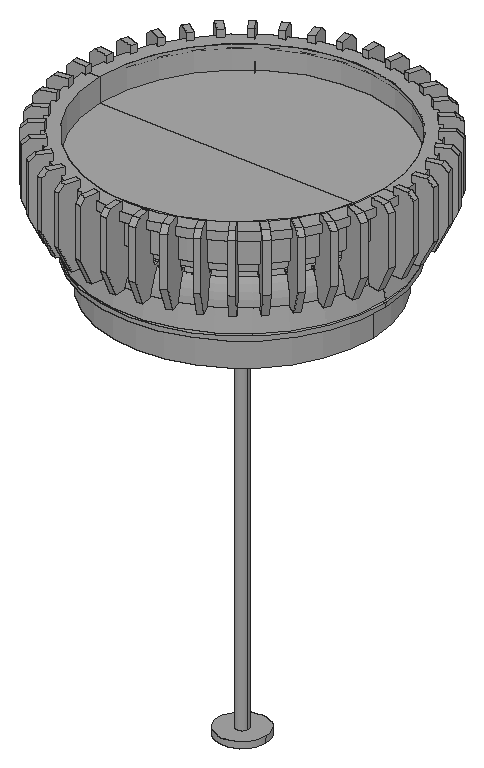
Revit family "KSL_Kemlux-Pendant", category Lighting Fixtures, host Face, Revit 2021 (continued)
Definition of nested family "KSL"
  Automatic sketch dimensions
    Extrusion 38 sketch curve to Extrusion 38 sketch curve = 0' - 0 1/4"  (x2)
    Extrusion 38 sketch curve to Extrusion 38 sketch curve = 0' - 0.39395"
    Extrusion 38 sketch curve to Extrusion 38 sketch curve = 0' - 1.02515"
    Extrusion 38 sketch curve to Extrusion 38 sketch curve = 0' - 0.67103"
    Extrusion 38 sketch curve to Extrusion 38 sketch curve = 0' - 1.93305"
    Extrusion 38 sketch curve to Extrusion 38 sketch curve = 0' - 0.08345"
    Extrusion 39 sketch curve to Extrusion 39 sketch curve = 0' - 0 7/16"
    Extrusion 39 sketch curve to Extrusion 39 sketch curve = 0' - 0.13206"
    Extrusion 39 sketch curve to Extrusion 39 sketch curve = 0' - 0.295"
    Extrusion 39 sketch curve to Extrusion 39 sketch curve = 0' - 0.38321"
    Extrusion 39 sketch curve to Extrusion 39 sketch curve = 0' - 0.43044"
    Extrusion 39 sketch curve to Extrusion 39 sketch curve = 0' - 0.57179"
    Extrusion 39 sketch curve to Extrusion 39 sketch curve = 0' - 0 1/4"  (x2)
    Extrusion 39 sketch curve to Extrusion 39 sketch curve = 0' - 0.39395"
    Extrusion 39 sketch curve to Extrusion 39 sketch curve = 0' - 1.02515"
    Extrusion 39 sketch curve to Extrusion 39 sketch curve = 0' - 0.67103"
    Extrusion 39 sketch curve to Extrusion 39 sketch curve = 0' - 1.93305"
    Extrusion 39 sketch curve to Extrusion 39 sketch curve = 0' - 0.08345"
    Extrusion 40 sketch curve to Extrusion 40 sketch curve = 0' - 0 7/16"
    Extrusion 40 sketch curve to Extrusion 40 sketch curve = 0' - 0.13206"
    Extrusion 40 sketch curve to Extrusion 40 sketch curve = 0' - 0.295"
    Extrusion 40 sketch curve to Extrusion 40 sketch curve = 0' - 0.38321"
    Extrusion 40 sketch curve to Extrusion 40 sketch curve = 0' - 0.43044"
    Extrusion 40 sketch curve to Extrusion 40 sketch curve = 0' - 0.57179"
    Extrusion 40 sketch curve to Extrusion 40 sketch curve = 0' - 0 1/4"  (x2)
    Extrusion 40 sketch curve to Extrusion 40 sketch curve = 0' - 0.39395"
    Extrusion 40 sketch curve to Extrusion 40 sketch curve = 0' - 1.02515"
    Extrusion 40 sketch curve to Extrusion 40 sketch curve = 0' - 0.67103"
    Extrusion 40 sketch curve to Extrusion 40 sketch curve = 0' - 1.93305"
    Extrusion 40 sketch curve to Extrusion 40 sketch curve = 0' - 0.08345"
    Extrusion 41 sketch curve to Extrusion 41 sketch curve = 0' - 0 7/16"
    Extrusion 41 sketch curve to Extrusion 41 sketch curve = 0' - 0.13206"
    Extrusion 41 sketch curve to Extrusion 41 sketch curve = 0' - 0.295"
    Extrusion 41 sketch curve to Extrusion 41 sketch curve = 0' - 0.38321"
    Extrusion 41 sketch curve to Extrusion 41 sketch curve = 0' - 0.43044"
    Extrusion 41 sketch curve to Extrusion 41 sketch curve = 0' - 0.57179"
    Extrusion 41 sketch curve to Extrusion 41 sketch curve = 0' - 0 1/4"  (x2)
    Extrusion 41 sketch curve to Extrusion 41 sketch curve = 0' - 0.39395"
    Extrusion 41 sketch curve to Extrusion 41 sketch curve = 0' - 1.02515"
    Extrusion 41 sketch curve to Extrusion 41 sketch curve = 0' - 0.67103"
    Extrusion 41 sketch curve to Extrusion 41 sketch curve = 0' - 1.93305"
    Extrusion 41 sketch curve to Extrusion 41 sketch curve = 0' - 0.08345"
    Extrusion 42 sketch curve to Extrusion 42 sketch curve = 0' - 0 7/16"
    Extrusion 42 sketch curve to Extrusion 42 sketch curve = 0' - 0.13206"
    Extrusion 42 sketch curve to Extrusion 42 sketch curve = 0' - 0.295"
    Extrusion 42 sketch curve to Extrusion 42 sketch curve = 0' - 0.38321"
    Extrusion 42 sketch curve to Extrusion 42 sketch curve = 0' - 0.43044"
    Extrusion 42 sketch curve to Extrusion 42 sketch curve = 0' - 0.57179"
    Extrusion 42 sketch curve to Extrusion 42 sketch curve = 0' - 0 1/4"  (x2)
    Extrusion 42 sketch curve to Extrusion 42 sketch curve = 0' - 0.39395"
    Extrusion 42 sketch curve to Extrusion 42 sketch curve = 0' - 1.02515"
    Extrusion 42 sketch curve to Extrusion 42 sketch curve = 0' - 0.67103"
    Extrusion 42 sketch curve to Extrusion 42 sketch curve = 0' - 1.93305"
    Extrusion 42 sketch curve to Extrusion 42 sketch curve = 0' - 0.08345"
    Extrusion 43 sketch curve to Extrusion 43 sketch curve = 0' - 0 7/16"
    Extrusion 43 sketch curve to Extrusion 43 sketch curve = 0' - 0.13206"
    Extrusion 43 sketch curve to Extrusion 43 sketch curve = 0' - 0.295"
    Extrusion 43 sketch curve to Extrusion 43 sketch curve = 0' - 0.38321"
    Extrusion 43 sketch curve to Extrusion 43 sketch curve = 0' - 0.43044"
    Extrusion 43 sketch curve to Extrusion 43 sketch curve = 0' - 0.57179"
    Extrusion 43 sketch curve to Extrusion 43 sketch curve = 0' - 0 1/4"  (x2)
    Extrusion 43 sketch curve to Extrusion 43 sketch curve = 0' - 0.39395"
    Extrusion 43 sketch curve to Extrusion 43 sketch curve = 0' - 1.02515"
    Extrusion 43 sketch curve to Extrusion 43 sketch curve = 0' - 0.67103"
    Extrusion 43 sketch curve to Extrusion 43 sketch curve = 0' - 1.93305"
    Extrusion 43 sketch curve to Extrusion 43 sketch curve = 0' - 0.08345"
    Extrusion 1 sketch curve to Extrusion 1 sketch curve = 8' - 0"  (x2)
    curve 8 to plane 7 = 0' - 0.35927"
    level to curve 10 = 0' - 1 3/4"
    curve 1 to plane 3 "Center (Left/Right)" = 0' - 0"
    plane 7 to curve 5 = 0' - 0"
    curve 11 to plane 7 = 0' - 0.35927"
    curve 2 to plane 7 = 0' - 0.45302"
    curve 8 to curve 8 = 0' - 0.39073"
    curve 2 to curve 4 = 0' - 0.39073"
    curve 4 to curve 4 = 0' - 0 1/4"
    plane 7 to curve 10 = 0' - 0.75471"
    plane 7 to curve 7 = 0' - 0.72501"
    plane 7 to curve 11 = 0' - 0.6022"
    plane 7 to curve 12 = 0' - 0.39176"
    plane 5 to curve 12 = 0' - 0.25875"
    curve 9 to curve 9 = 0' - 1"
    curve 7 to curve 6 = 0' - 0.62254"
    curve 5 to curve 2 = 0' - 0.37746"
    Revolve 2 sketch curve to level = 0' - 0"
    Revolve 2 sketch curve to plane 3 "Center (Left/Right)" = 0' - 0"  (x2)
    plane 7 to Revolve 2 sketch curve = 0' - 0"  (x2)
    level to Revolve 2 sketch curve = 0' - 0.16729"
    Revolve 2 sketch curve to plane 7 = 0' - 0.23742"
    Revolve 2 sketch curve to Revolve 2 sketch curve = 0' - 0.39032"
    Revolve 2 sketch curve to plane 7 = 0' - 0.45302"
    Revolve 2 sketch curve to Revolve 2 sketch curve = 0' - 0.49031"
    Revolve 2 sketch curve to Revolve 2 sketch curve = 0' - 0.00969"
    Revolve 2 sketch curve to Revolve 2 sketch curve = 0' - 0.51192"
    Revolve 2 sketch curve to Revolve 2 sketch curve = 0' - 0.39073"
    Revolve 2 sketch curve to Revolve 2 sketch curve = 0' - 0 1/4"
    plane 7 to Revolve 2 sketch curve = 0' - 0.70329"
    Revolve 2 sketch curve to Revolve 2 sketch curve = 0' - 0.08271"
    Revolve 2 sketch curve to Revolve 2 sketch curve = 0' - 1 1/8"
    Revolve 2 sketch curve to Revolve 2 sketch curve = 0' - 0.72893"
    Revolve 2 sketch curve to Revolve 2 sketch curve = 0' - 0.37746"
    Revolve 2 sketch curve to Revolve 2 sketch curve = 0' - 0.62007"
    Revolve 2 sketch curve to Revolve 2 sketch curve = 0' - 0.3497"
    Revolve 2 sketch curve to Revolve 2 sketch curve = 0' - 5 13/16"
    level to curve 6 = 0' - 5.37007"
    curve 4 to curve 12 = 0' - 0.3497"
    curve 4 to curve 2 = 0' - 0.55259"
    curve 12 to curve 3 = 0' - 0.2029"
    Revolve 2 sketch curve to Revolve 2 sketch curve = 0' - 3 3/4"
Types (10): name | Wattage Comments | Wattage | Watt | Photometric Web File | Pendant Height | Optics | built-in parameter 1150105 | Lumens | Lamp | built-in parameter 1150106 | built-in parameter 1150104 | Apparent Load
  (no name) | "43 Watts" | 43 W | 43 W | "KXL-18L-X-5K-5M.ies" | 1' - 10 3/4" | "Type V Square" | 352.45 (stored number, unit not read) | 4429 lm | "18 High Performanc LEDs" | 3.5245 (stored number, unit not read) | 9.569 (stored number, unit not read) | 43 VA
  KSL-18L-X-5K-5M | "43 Watts" | 43 W | 43 W | "KXL-18L-X-5K-5M.ies" | 1' - 10 3/4" | "Type V Square" | 352.45 (stored number, unit not read) | 4429 lm | "18 High Performanc LEDs" | 3.5245 (stored number, unit not read) | 9.569 (stored number, unit not read) | 43 VA
  KSL-18L-X-5K-5R | "43 Watts" | 43 W | 43 W | "KXL-18L-X-5K-5R.ies" | 1' - 10 3/4" | "Type V Rectangle" | 345.6 (stored number, unit not read) | 4343 lm | "18 High Performanc LEDs" | 3.456 (stored number, unit not read) | 9.3832 (stored number, unit not read) | 43 VA
  KSL-18L-X-5K-N | "43 Watts" | 43 W | 43 W | "KXL-18L-X-5K-N.ies" | 1' - 10 3/4" | "Narrow" | 349.03 (stored number, unit not read) | 4386 lm | "18 High Performanc LEDs" | 3.4903 (stored number, unit not read) | 9.4761 (stored number, unit not read) | 43 VA
  KSL-24L-X-5K-5M | "57 Watts" | 57 W | 57 W | "KXL-24L-X-5K-5M.ies" | 3' - 0" | "Type V Square" | 476.27 (stored number, unit not read) | 5985 lm | "24 High Performanc LEDs" | 4.7627 (stored number, unit not read) | 9.7548 (stored number, unit not read) | 57 VA
  KSL-24L-X-5K-5R | "57 Watts" | 57 W | 57 W | "KXL-24L-X-5K-5R.ies" | 1' - 10 3/4" | "Type V Rectangle" | 453.59 (stored number, unit not read) | 5700 lm | "24 High Performanc LEDs" | 4.5359 (stored number, unit not read) | 9.2903 (stored number, unit not read) | 57 VA
  KSL-24L-X-5K-N | "57 Watts" | 57 W | 57 W | "KXL-24L-X-5K-N.ies" | 1' - 10 3/4" | "Narrow" | 467.2 (stored number, unit not read) | 5871 lm | "24 High Performanc LEDs" | 4.672 (stored number, unit not read) | 9.569 (stored number, unit not read) | 57 VA
  KSL-36L-X-5K-5M | "86 Watts" | 86 W | 86 W | "KXL-36L-X-5K-5M.ies" | 1' - 10 3/4" | "Type V Square" | 718.58 (stored number, unit not read) | 9030 lm | "36 High Performanc LEDs" | 7.1858 (stored number, unit not read) | 9.7548 (stored number, unit not read) | 86 VA
  KSL-36L-X-5K-5R | "86 Watts" | 86 W | 86 W | "KXL-36L-X-5K-5R.ies" | 1' - 10 3/4" | "Type V Rectangle" | 677.52 (stored number, unit not read) | 8514 lm | "36 High Performanc LEDs" | 6.7752 (stored number, unit not read) | 9.1974 (stored number, unit not read) | 86 VA
  KSL-36L-X-5K-N | "86 Watts" | 86 W | 86 W | "KXL-36L-X-5K-N.ies" | 1' - 10 3/4" | "Narrow" | 698.05 (stored number, unit not read) | 8772 lm | "36 High Performanc LEDs" | 6.9805 (stored number, unit not read) | 9.4761 (stored number, unit not read) | 86 VA
